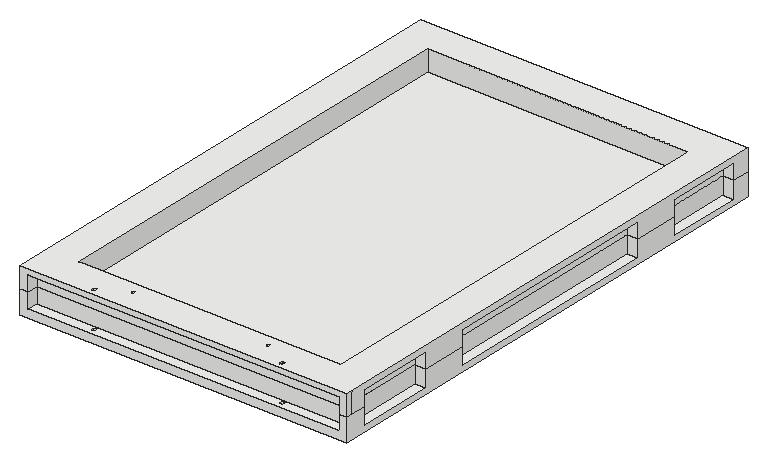
Revit family "Lobby Door 1150x750", category Generic Models, Revit 2018
Family settings
  Can host rebar = No
  Round Connector Dimension = Use Diameter
  Part Type = Normal
  OmniClass Number = 23.30.40.11
  OmniClass Title = Hardware for Doors
  Work Plane-Based = Yes
  Always vertical = No
  Cut with Voids When Loaded = No
  Shared = No
  Room Calculation Point = No
Parameters (values of type "Controls")
  Youtube clip = ""
  Width = "1150"
  Weight Net (Kg) = "0"
  URL = ""
  switch-on-duration = "To be controlled via chain drive acutator"
  WarrantyStartDate = "From items dispatch"
  WarrantyDuration = 12
  Voltage = ""
  Uniclass 2.0 Description = "Shut Off Damper"
  Uniclass 2.0 Code = "Pr_70_65_82_64"
  Uniclass 1.4 Description = ""
  Uniclass 1.4 Code = ""
  UNSPSC Code = "40101504"
  UNSPSC name = "Ventilation dampers"
  TypeName = ""
  Type Mark = ""
  Type Comments = "(high temperature smoke).\r\nThe unit is dual purpose, providing fire rating\r\n(tested to FD30s/E30s) while closed, and\r\nsmoke ventilation when in the open position."
  To be ordered separately = ""
  Technical description = "Free area 0.6m2"
  TagNumber = 0
  Switch-on-duration_2 = ""
  Size = "1150x750x100mm (W x D x H)"
  SerialNumber = 0
  QR code = ""
  Product group = "Lobby Ventilator"
  Product family = "Fire Door"
  Product data URL = "http://easivent.co.uk/products/e-vent-smoke-shaft-aov-rated-to-fd30s"
  Product certification = ""
  Product SKU = "Smoke Shaft AOV to E30s"
  Omniclass = ""
  OmniClass Title = ""
  OmniClass Number = ""
  Notes = "Please note this product may be amended without prior notification"
  Nominal width = "1150"
  Nominal height = "750"
  Name of the object = ""
  Name = ""
  NBS Reference Description = ""
  NBS Reference Code = ""
  Model = "E-Vent Smoke Shaft Vent"
  Material Main = Powder Coated Zintec Steel
  Manufacturer name = "Easivent"
  Manufacturer country = "UK"
  Manufacturer URL = "http://easivent.co.uk/"
  Manufacturer = "Easivent"
  Keynote = "This lobby vent has been designed to meet the requirements of both UL555 (fire) and UL55S (high temperature smoke). - See more at: http://easivent.co.uk/products/e-vent-smoke-shaft-aov-rated-to-fd30s#sthash.k3Jo68zy.dpuf"
  InstallationDate = ""
  Installation instructions = ""
  IP rating = "FD30S"
  IFC Classification = "Damper"
  Height = 750 mm
  Grade = ""
  Finish = ""
  Features = ""
  Edition number = "1"
  Design country = "UK"
  Description = "The unit is dual purpose, providing fire rating (tested to FD30s/E30s) while closed, and smoke ventilation when in the open position. - See more at: http://easivent.co.uk/products/e-vent-smoke-shaft-aov-rated-to-fd30s#sthash.k3Jo68zy.dpuf"
  Depth = 100 mm
  Default Elevation = 1219.2 mm
  Date of publishing = ""
  Current consumption = ""
  Created on = "10/03/2016"
  Created by = "Rhys Powell"
  Cost = 0
  ConnectionType = ""
  Colour = "Powder Coated to RAL 9010 - White"
  COBIe Type Category [instance] = "Damper"
  BIMobject category = "Damper"
  BIMobject QR code URL = ""
  BIMObject Category_2 = "Fire Doors"
  AssetIdentifier = ""
  Assembly Description = ""
  AccessibilityPerformance = ""
Reference planes
  plane 1 "Center (Front/Back)": y = 0
  plane 2: z = 0
  plane 3 "Center (Left/Right)": x = 0
  plane 4 "Top on Section": z = 100.028
  plane 5 "Right Plan": x = 375
  plane 6 "Left Plan": x = -375
  plane 7 "Top Plan": y = 575
  plane 8 "Bottom Plan": y = -575
  plane 9 "Corridor Screws Left Plan": x = -215
  plane 10 "Corridor Screws Right Plan": x = 215
  plane 11 "Shaft Right Plan": x = 335
  plane 12 "Shaft Top Plan": y = 535
  plane 13 "Shaft Left Plan": x = -335
  plane 14 "Shaft Bottom Plan": y = -525
  plane 15: y = 390.111
  plane 16 "Corridor Top Plan": y = 500
  plane 17 "Corridor Bottom Plan": y = -500
  plane 18 "Corridor Right Plan": x = 300
  plane 19 "Corridor Left Plan": x = -300
  plane 20 "Shaft Bottom Screws Plan": y = -560.278
  plane 21 "Mid Point on Section": z = 52.028
  plane 22: x = 155
  plane 23: x = -155
  plane 24: x = -298
  plane 25: x = 295
  plane 26: y = 498
  plane 27: y = -498
  plane 28: y = -523
  plane 29: x = 330
  plane 30 "Hinge Position CL": x = -330
Forms (mm)
  Extrusion 1, solid, material "Powder Coated Zintec Steel" <- "Material Main"
    sketch origin (-5, -2, 0) x (1, 0, 0) y (0, 1, 0)
      loop
        line (-328, 535) -> (-328, -521) -> (335, -521) -> (335, 535) -> (-328, 535)
    from 0 to 52
  Extrusion 2, solid, material "Powder Coated Zintec Steel" <- "Material Main"
    sketch origin (0, 0, 0) x (1, 0, 0) y (0, 1, 0)
      loop
        line (-375, 575) -> (-375, -575) -> (375, -575) -> (375, -560.278) -> (375, 575) -> (-375, 575)
      loop
        line (-300, 500) -> (-300, -498.444) -> (300, -498.444) -> (300, 500) -> (-300, 500)
    from 52.028 to 100.028
  Extrusion 3, void
    sketch origin (0, 0, 0) x (1, 0, 0) y (0, 1, 0)
      loop
        circle (155, -525) r 3.3
      loop
        circle (-155, -525) r 3.3
    from 0 to 100
  Extrusion 4, solid, material "Powder Coated Zintec Steel" <- "Material Main"
    sketch origin (0, 0, 0) x (1, 0, 0) y (0, 1, 0)
      loop
        line (-375, 575) -> (-375, -575) -> (375, -575) -> (375, 575) -> (-375, 575)
      loop
        line (-335, 535) -> (-335, -525) -> (335, -525) -> (335, 535) -> (-335, 535)
    from 0 to 52
  Extrusion 5, void
    sketch origin (0, 0, 0) x (1, 0, 0) y (0, 1, 0)
      loop
        circle (215, -560.278) r 4.3
      loop
        circle (-215, -560.278) r 4.3
    from 0 to 100
  Extrusion 6, solid
    sketch origin (0, 535, -56.875) x (-1, 0, 0) y (0, 0, -1)
      loop
        circle (-330, -52) r 5
    from 144.889 to 244.155
  Extrusion 7, solid
    sketch origin (0, -535, -56.875) x (-1, 0, 0) y (0, 0, 1)
      loop
        circle (-330, 52) r 5
    from 144.889 to 244.155
  Extrusion 8, void
    sketch origin (-300, 0, 0) x (0, 1, 0) y (0, 0, -1)
      loop
        line (-525, -87.511) -> (-348.316, -87.511) -> (-348.316, -12.511) -> (-525, -12.511) -> (-525, -87.511)
      loop
        line (535, -87.511) -> (535, -12.511) -> (363.039, -12.511) -> (363.039, -87.511) -> (535, -87.511)
      loop
        line (-244.373, -87.511) -> (259.096, -87.511) -> (259.096, -12.511) -> (-244.373, -12.511) -> (-244.373, -87.511)
    from 50 to 75
  Extrusion 9, void
    sketch origin (300, 0, 0) x (0, 1, 0) y (0, 0, 1)
      loop
        line (-525, 87.511) -> (-525, 12.511) -> (-348.316, 12.511) -> (-348.316, 87.511) -> (-525, 87.511)
      loop
        line (535, 87.511) -> (363.039, 87.511) -> (363.039, 12.511) -> (535, 12.511) -> (535, 87.511)
      loop
        line (-244.373, 87.511) -> (-244.373, 12.511) -> (259.096, 12.511) -> (259.096, 87.511) -> (-244.373, 87.511)
    from 50 to 75
  Extrusion 10, void
    sketch origin (0, 0, 0) x (1, 0, 0) y (0, 0, 1)
      loop
        line (-356.529, 87.962) -> (-356.529, 17.962) -> (358.471, 17.962) -> (358.471, 87.962) -> (-356.529, 87.962)
    from 550 to 575
  Extrusion 11, void
    sketch origin (0, 0, 0) x (1, 0, 0) y (0, 0, -1)
      loop
        line (-356.529, -87.962) -> (358.471, -87.962) -> (358.471, -17.962) -> (-356.529, -17.962) -> (-356.529, -87.962)
    from 550 to 575
Cuts and joins
  Extrusion 3, Extrusion 5, Extrusion 8, Extrusion 9, Extrusion 10, Extrusion 11 cuts Extrusion 2
  Extrusion 5, Extrusion 8, Extrusion 9, Extrusion 10, Extrusion 11 cuts Extrusion 4
  Extrusion 8, Extrusion 10 cuts Extrusion 1
Dimensions and locks
  aligned and locked: level to plane 2
